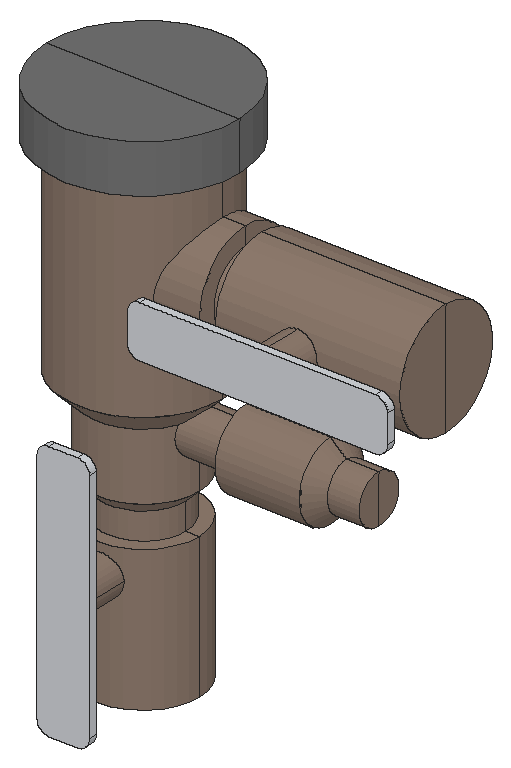
Revit family
Parameters (values of type "LF008PCQT-3/8"")
  Width = 2"
  Waste Connection = no
  Warranty Information = "1 Year (Limited)"
  Vent Connection = no
  URL = "htttp://www.watts.com"
  Type Comments = "Available in left-handed or right-handed outlet."
  Shipping Weight = 1.6 lbf
  Region = "North America"  # constant formula
  Radius = 19/32"
  Product Page URL = "http://www.watts.com/pages/_products_details.asp?pid=6822"
  Product Documentation Link = "http://media.wattswater.com/ES-LF008PCQT.pdf"
  Price = "Prices may vary. Please consult Manufacturer Representative for most up-to-date price list."  # constant formula
  Pressure Rating = 150.00 psi  # constant formula
  Nominal Radius = 7" / 16  # 7/16"
  Nominal 2 Width = 1 109/256"
  Nominal 1 Width = 1 23/128"
  Model = "LF008PCQT"  # constant formula
  Material = "Metal-Watts-Bronze"  # constant formula
  Manufacturer = "WATTS"
  Length = 3 1/8"
  Height = 5 1/2"
  HW Connection = yes
  Flow Rate = "7.5 feet/sec"  # constant formula
  Discharge Radius = 3/16"
  Discharge Height = 3 15/16"
  Diameter = Discharge Radius * 2  # 3/8"
  Description = "Series LF008PCQT Lead Free* Anti-Siphon, Spill-Resistant, Vacuum Breakers prevent the reverse flow of polluted water from entering into the potable water supply due to backsiphonage on indoor point-of-use applications. It consists of a Lead Free* cast copper silicon alloy body construction, thermoplastic check and float assembly valve, stainless steel springs, tee handles, and a molded diaphragm separating the air inlet from the potable water supply to prevent spillage. Series LF008PCQT is ideal for indoor use on machines or equipment in general plumbing applications. Maximum Working Pressure: 150psi (10.34 bar), Minimum Working Pressure: 8psi (55.2 kPa)."
  Default Elevation = 0"
  Country = "United States"  # constant formula
  Connection Type = "Female NPT - Ball Valve Shutoffs"  # constant formula
  Connection Size = Diameter  # 3/8"
  CW Connection = yes
  Assembly Code = "F1050"
Types (5): name | Shipping Weight | Radius | Nominal 2 Width | Nominal 1 Width | Length | Height | Discharge Radius | Discharge Height | Diameter | Connection Size
  (no name) | 1.6 lbf | 19/32" | 1 109/256" | 1 23/128" | 3 1/8" | 5 1/2" | 3/16" | 3 15/16" | 3/8" | 3/8"
  LF008PCQT-1" | 4.8 lbf | 3/4" | 1 3/4" | 1 1/2" | 4 7/8" | 7 1/2" | 1/2" | 5 1/8" | 1" | 1"
  LF008PCQT-3/4" | 3.8 lbf | 3/4" | 1 3/4" | 1 1/2" | 4 1/2" | 7" | 3/8" | 4 5/8" | 3/4" | 3/4"
  LF008PCQT-1/2" | 1.7 lbf | 19/32" | 1 109/256" | 1 23/128" | 3 3/8" | 5 3/4" | 1/4" | 4 3/16" | 1/2" | 1/2"
  LF008PCQT-3/8" | 1.6 lbf | 19/32" | 1 109/256" | 1 23/128" | 3 1/8" | 5 1/2" | 3/16" | 3 15/16" | 3/8" | 3/8"
Reference planes (in)
  plane 1 "Center (Front/Back)": y = 0
  plane 2: z = 0
  plane 3 "Center (Left/Right)": x = 0
  plane 4: z = 5.5
  plane 5: x = 1
  plane 6: x = 3.125
  plane 7: z = 3.9375
  plane 8: x = -1
  plane 9: x = 0.4375
  plane 10: x = 0.5775
  plane 11: x = 0.7005
  plane 12: y = 1
  plane 13: y = -1
  plane 14: x = 0.8235
  plane 15: x = 2.03125
Forms (in)
  Revolve 1, solid, material "Metal-Watts-Bronze", detail levels fine
    sketch origin (0, 0, 0) x (1, 0, 0) y (0, 0, 1)
      loop
        line (0, 0) -> (0.5775, 0) -> (0.5775, 1.48766) -> (0.4375, 1.48766) -> (0.4375, 1.76598) -> (0.5775, 1.90598) -> (0.5775, 2.60188) -> (0.8235, 2.84788) -> (0.8235, 5) -> (1, 5) -> (1, 5.5) -> (0, 5.5) -> (0, 0)
      axis (0, 0) -> (0, 5.5)
    angle from 0 to 360
  Revolve 2, solid, material "Metal-Watts-Bronze", detail levels fine
    sketch origin (0, 0, 0) x (1, 0, 0) y (0, 0, 1)
      loop
        line (0.3155, 3.9375) -> (3.125, 3.9375) -> (3.125, 4.53125) -> (1.22082, 4.53125) -> (1.22082, 4.35233) -> (1.05555, 4.35233) -> (1.05555, 4.53125) -> (0.3155, 4.53125) -> (0.3155, 3.9375)
      axis (3.125, 3.9375) -> (0.3155, 3.9375)
    angle from 0 to 360
  Extrusion 3, solid, material "Metal-Watts-Bronze", detail levels fine
    sketch origin (1.19273, 0, 3.9375) x (0, 0, -1) y (1, 0, 0)
      loop
        circle (0, 0.84617) r 0.22376
    from 0 to 0.9942
  Extrusion 4, solid, material "Metal-Watts-Bronze", detail levels fine
    sketch origin (0.00035, 0, 2.36723) x (-1, 0, 0.000157) y (-0.000157, 0, -1)
      loop
        circle (0, 1.18992) r 0.22376
    from 0.28231 to 0.95514
  Revolve 5, solid, material "Metal-Watts-Bronze", detail levels fine
    sketch origin (0.1875, 0, -1.15625) x (1, 0, 0) y (0, 0, 1)
      loop
        line (-0.11846, 3.64054) -> (2.2452, 3.64054) -> (2.2452, 3.89054) -> (1.90645, 3.89054) -> (1.75139, 4.04561) -> (0.87994, 4.04561) -> (0.87994, 3.89054) -> (-0.11846, 3.89054) -> (-0.11846, 3.64054)
      axis (-0.11846, 3.64054) -> (2.2452, 3.64054)
    angle from 0 to 360
  Extrusion 6, solid, detail levels fine
    sketch origin (3.89756, -0.9942, 9.20484) x (0, 0, -1) y (1, 0, 0)
      loop
        arc (5.12045, -0.51775) -> (5.03206, -0.55436) -> (4.99545, -0.64275) r 0.125
        line (4.99545, -0.64275) -> (4.99545, -3.07457)
        arc (4.99545, -3.07457) -> (5.03206, -3.16296) -> (5.12045, -3.19957) r 0.125
        line (5.12045, -3.19957) -> (5.41424, -3.19957)
        arc (5.41424, -3.19957) -> (5.50262, -3.16296) -> (5.53924, -3.07457) r 0.125
        line (5.53924, -3.07457) -> (5.53924, -0.64275)
        arc (5.53924, -0.64275) -> (5.50262, -0.55436) -> (5.41424, -0.51775) r 0.125
        line (5.41424, -0.51775) -> (5.12045, -0.51775)
    from 0 to 0.07813
  Extrusion 7, solid, detail levels fine
    sketch origin (5.26734, -0.95514, -0.43135) x (-1, 0, 0) y (0, 0, -1)
      loop
        arc (5.12045, -0.26775) -> (5.03206, -0.30436) -> (4.99545, -0.39275) r 0.125
        line (4.99545, -0.39275) -> (4.99545, -2.82457)
        arc (4.99545, -2.82457) -> (5.03206, -2.91296) -> (5.12045, -2.94957) r 0.125
        line (5.12045, -2.94957) -> (5.41424, -2.94957)
        arc (5.41424, -2.94957) -> (5.50262, -2.91296) -> (5.53924, -2.82457) r 0.125
        line (5.53924, -2.82457) -> (5.53924, -0.39275)
        arc (5.53924, -0.39275) -> (5.50262, -0.30436) -> (5.41424, -0.26775) r 0.125
        line (5.41424, -0.26775) -> (5.12045, -0.26775)
    from 0 to 0.07813
Cuts and joins
  joined: Revolve 1, Revolve 2, Extrusion 3, Extrusion 4, Revolve 5
Lines and regions (in)
  Masking region 1, detail levels fine
    outline origin (0, 0, 0) x (1, 0, 0) y (0, 1, 0)
      loop
        line (3.37981, -0.9942) -> (2.2624, -0.9942) -> (2.2624, -0.59375) -> (3.125, -0.59375) -> (3.125, 0.59375) -> (0.80465, 0.59375)
        arc (0.80465, 0.59375) -> (-1, 0) -> (0.80465, -0.59375) r 1
        line (0.80465, -0.59375) -> (1.81139, -0.59375) -> (1.81139, -0.9942) -> (0.69798, -0.9942) -> (0.69798, -1.07233) -> (3.37981, -1.07233) -> (3.37981, -0.9942)
  model lines, detail levels coarse+medium
    curve 1: line (-1, 1, 0) -> (1, 1, 0)
    curve 2: line (-1, -1, 0) -> (-1, 1, 0)
    curve 3: line (1, -1, 0) -> (-1, -1, 0)
    curve 4: line (1, 1, 0) -> (1, -1, 0)
    curve 5: line (-1, 1, 0) -> (1, -1, 0)
    curve 6: line (1, 1, 0) -> (-1, -1, 0)
  symbolic lines, style "PipeAccessory", detail levels fine
    curve 7: circle (0, 0, 0) r 1 normal (0, 0, 1)
    curve 8: line (1.81139, -0.59375, 0) -> (2.2624, -0.59375, 0)
    curve 9: line (2.2624, -0.9942, 0) -> (1.81139, -0.9942, 0)
Dimensions and locks (in)
  "Height": plane 4 to level
  plane 8 to plane 5 = 2"
  "Length": plane 6 to plane 3 "Center (Left/Right)"
  "Discharge Height": plane 7 to level
  locked: Extrusion 6 sketch curve to Extrusion 6 sketch curve at 2.68183
  locked: plane 6 to Extrusion 6 sketch curve at 2.42702
  locked: plane 6 to Extrusion 3 sketch curve at 1.0861
  locked: Extrusion 7 sketch curve to Extrusion 7 sketch curve at 2.68183
  locked: Extrusion 7 sketch curve to level at 2.51823
  level to Extrusion 7 sketch curve = 0.1636"
  locked: plane 3 "Center (Left/Right)" to Extrusion 7 sketch curve at 0.27189
  locked: Extrusion 7 sketch curve to Extrusion 7 sketch curve at 0.54379
  "Nominal Radius": plane 9 to plane 3 "Center (Left/Right)"
  locked: plane 9 to plane 10 at 0.14
  locked: plane 10 to plane 11 at 0.123
  "Radius": Revolve 2 sketch curve to plane 7
  "Width": plane 12 to plane 13
  locked: plane 14 to plane 11 at 0.123
  locked: plane 7 to Revolve 1 sketch curve at 1.08962
  locked: plane 7 to Revolve 5 sketch curve at 1.45321
  locked: plane 7 to Revolve 1 sketch curve at 2.44984
  locked: plane 15 to plane 6 at 1.09375
  locked: plane 15 to Masking region 1 sketch curve at 0.23115
  locked: Masking region 1 sketch curve to plane 15 at 0.21986
  "Radius": plane 1 "Center (Front/Back)" to Masking region 1 sketch curve
  "Radius": Masking region 1 sketch curve to plane 1 "Center (Front/Back)"
  locked: Masking region 1 sketch curve to plane 6 at 2.42702
  locked: Masking region 1 sketch curve to Masking region 1 sketch curve at 2.68183
  aligned and locked: Revolve 1 sketch curve to plane 5
  aligned and locked: Revolve 1 sketch curve to plane 14
  aligned and locked: plane 10 to Revolve 1 sketch curve
  aligned and locked: Revolve 1 sketch curve to plane 9
  aligned and locked: Revolve 5 sketch curve to Revolve 5 sketch curve
  aligned and locked: Masking region 1 sketch curve to Extrusion 6  (x2)
  aligned and locked: Masking region 1 sketch curve to cut or joined group of Revolve 1, Revolve 2, Extrusion 3, Extrusion 4, Revolve 5  (x2)
  aligned and locked: Masking region 1 sketch curve to Masking region 1 sketch curve
  aligned and locked: curve 7 to cut or joined group of Revolve 1, Revolve 2, Extrusion 3, Extrusion 4, Revolve 5
  aligned and locked: Masking region 1 to curve 8  (x2)
  aligned and locked: curve 8 to Masking region 1
  aligned and locked: cut or joined group of Revolve 1, Revolve 2, Extrusion 3, Extrusion 4, Revolve 5 to Extrusion 6
  aligned and locked: Masking region 1 to curve 9
  aligned and locked: curve 9 to Masking region 1
Automatic sketch dimensions
  Extrusion 3 sketch curve to plane 7 = 0"
  plane 3 "Center (Left/Right)" to Extrusion 4 sketch curve = 0.00016"
  Extrusion 7 sketch curve to Extrusion 7 sketch curve = 1/8"  (x3)
  Extrusion 7 sketch curve to Extrusion 7 sketch curve = 0.29379"
  Extrusion 6 sketch curve to Extrusion 6 sketch curve = 1/8"  (x3)
  Extrusion 6 sketch curve to plane 7 = 0.14689"
  plane 7 to Extrusion 6 sketch curve = 0.14689"
  Extrusion 6 sketch curve to Extrusion 6 sketch curve = 0.29379"
  level to Extrusion 4 sketch curve = 1.17732"
  Revolve 2 sketch curve to plane 7 = 0"  (x2)
  Revolve 2 sketch curve to plane 6 = 0"
  plane 5 to Revolve 2 sketch curve = 0.22082"
  plane 5 to Revolve 2 sketch curve = 0.05555"
  Revolve 2 sketch curve to plane 5 = 0.4435"
  Revolve 2 sketch curve to Revolve 2 sketch curve = 0.241"
  Revolve 2 sketch curve to plane 3 "Center (Left/Right)" = 0.4435"
  Revolve 2 sketch curve to Revolve 2 sketch curve = 0.17892"
  Revolve 2 sketch curve to Revolve 2 sketch curve = 0"
  plane 8 to Revolve 5 sketch curve = 0.39618"
  Revolve 5 sketch curve to plane 8 = 0.41476"
  plane 3 "Center (Left/Right)" to Revolve 5 sketch curve = 0.06904"
  plane 5 to Revolve 5 sketch curve = 0.06744"
  Revolve 5 sketch curve to Revolve 5 sketch curve = 0.87145"
  Revolve 5 sketch curve to Revolve 5 sketch curve = 0.15507"  (x2)
  Revolve 5 sketch curve to Revolve 5 sketch curve = 0.33875"
  Revolve 5 sketch curve to Revolve 5 sketch curve = 1/4"
  Revolve 5 sketch curve to Revolve 5 sketch curve = 0"
  Revolve 1 sketch curve to plane 3 "Center (Left/Right)" = 0"  (x2)
  plane 10 to Revolve 1 sketch curve = 0"
  Revolve 1 sketch curve to level = 0"
  Revolve 1 sketch curve to plane 4 = 0"
  Revolve 1 sketch curve to level = 2.09688"
  Revolve 1 sketch curve to Revolve 1 sketch curve = 3/4"
  Revolve 1 sketch curve to Revolve 1 sketch curve = 0.27832"
  Revolve 1 sketch curve to Revolve 1 sketch curve = 0.14"
  Revolve 1 sketch curve to Revolve 1 sketch curve = 0.246"
  Revolve 1 sketch curve to plane 4 = 1/2"
  curve 6 to plane 8 = 0"
  curve 3 to plane 5 = 0"
  curve 5 to plane 13 = 0"
  plane 12 to curve 6 = 0"
  plane 13 to curve 9 = 0.0058"
  plane 13 to Masking region 1 sketch curve = 0.0058"
  radius of Extrusion 3 sketch curve = 0.22376"
  radius of Extrusion 4 sketch curve = 0.22376"
Connectors (in)
  piping at (0, 0, 0), driven by "Discharge Radius"
    settings: on cut or joined group of Revolve 1, Revolve 2, Extrusion 3, Extrusion 4, Revolve 5, index 1
  piping at (3.125, 0, 3.9375), driven by "Discharge Radius"
    settings: on cut or joined group of Revolve 1, Revolve 2, Extrusion 3, Extrusion 4, Revolve 5, index 2
